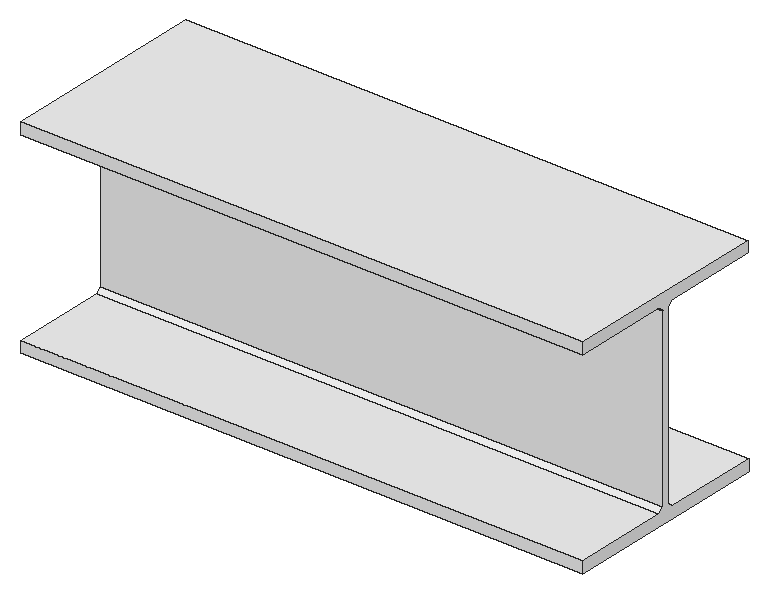
Revit family "3a6d2cca07d44f20bc78643620e2a10c", category Structural Framing, Revit 2021
Family settings
  Structural Framing Length Roundoff = 0' - 0"
  Section Shape = Not Defined
  Material for Model Behavior = Steel
  Always export as geometry = No
  OmniClass Number = 23.25.30.11.14.14
  OmniClass Title = Beams
  Seek Item ID = WWF-Welded Wide Flange-0000-USA-ENU
  Always vertical = Yes
  Cut with Voids When Loaded = No
  Symbolic Representation = From Project Settings
  Shared = No
  Show family pre-cut in plan views = Yes
Parameters (values of type "WWF18x152")
  W = 152
  Structural Material [instance] = Steel ASTM A572
  Assembly Code = "B10"
  Length [instance] = 5' - 0"
  Nominal d = "12"
  bf = 1' - 5 23/32"
  d = 1' - 5 23/32"
  k = 0' - 0 11/16"
  tf = 0' - 0 63/64"
  tw = 0' - 0 161/256"
  A = 45.00 in²
Reference planes (in)
  plane 1 "Center (Front/Back)": y = 0
  plane 2: z = 0
  plane 3 "Center (Left/Right)": x = 0.1815
  plane 4 "Member Left": x = -23.8185
  plane 5 "Member Right": x = 24.1815
  plane 6: y = 8.85937
  plane 7: y = -8.85938
  plane 8 "Top": z = 8.85937
  plane 9: z = -8.85938
  plane 10 "Left": x = -29.8185
  plane 11 "Right": x = 30.1815
Forms (in)
  Sweep 1, solid, material "Steel ASTM A572" <- "Structural Material", detail levels medium
    path origin (0, 0, 0) x (1, 0, 0) y (0, 1, 0)
      loop
        line (24.1815, 0) -> (-23.8185, 0)
    profile "WWF-Wide Flange-Profile-Medium : WWF-Wide Flange-Profile-Medium" origin (0.1815, 0, 0) x (0, -1, 0) y (0, 0, 1)
      loop
        line (-8.85937, -8.85938) -> (8.85938, -8.85938) -> (8.85938, -7.875) -> (0.31445, -7.875) -> (0.31445, 7.875) -> (8.85938, 7.875) -> (8.85938, 8.85937) -> (-8.85937, 8.85937) -> (-8.85937, 7.875) -> (-0.31445, 7.875) -> (-0.31445, -7.875) -> (-8.85937, -7.875) -> (-8.85937, -8.85938)
  Sweep 2, solid, material "Steel ASTM A572" <- "Structural Material", detail levels fine
    path origin (0, 0, 0) x (1, 0, 0) y (0, 1, 0)
      loop
        line (24.1815, 0) -> (-23.8185, 0)
    profile "WWF-Wide Flange-Profile-Fine : WWF-Wide Flange-Profile-Fine" origin (0.1815, 0, 0) x (0, -1, 0) y (0, 0, 1)
      loop
        line (-8.85937, -8.85938) -> (8.85938, -8.85938) -> (8.85938, -7.875) -> (0.6875, -7.875) -> (0.31445, -7.50195) -> (0.31445, 7.50195) -> (0.6875, 7.875) -> (8.85938, 7.875) -> (8.85938, 8.85937) -> (-8.85937, 8.85937) -> (-8.85937, 7.875) -> (-0.6875, 7.875) -> (-0.31445, 7.50195) -> (-0.31445, -7.50195) -> (-0.6875, -7.875) -> (-8.85937, -7.875) -> (-8.85937, -8.85938)
Lines and regions (in)
  symbolic lines, style "Stick Symbols", detail levels coarse
    curve 1: line (0.1815, 0, -8.85938) -> (0.1815, 0, 8.85937)
    curve 2: line (0.1815, 8.85938, 8.85937) -> (0.1815, -8.85937, 8.85937)
    curve 3: line (0.1815, -8.85937, -8.85938) -> (0.1815, 8.85938, -8.85938)
  symbolic lines, style "Hidden Faces", detail levels medium+fine
    curve 4: line (-23.8185, -0.31445, 0) -> (24.1815, -0.31445, 0)
    curve 5: line (-23.8185, 0.31445, 0) -> (24.1815, 0.31445, 0)
Dimensions and locks (in)
  "bf": plane 6 to plane 7
  "d": plane 9 to plane 8 "Top"
  equal spacing: plane 9, plane 2, plane 8 "Top"
  equal spacing: plane 6, plane 1 "Center (Front/Back)", plane 7
  "Length": plane 10 "Left" to plane 11 "Right"
  "tw": curve 4 to curve 5
  equal spacing: curve 4, plane 1 "Center (Front/Back)", curve 5
  aligned and locked: Sweep 1 sketch curve to plane 1 "Center (Front/Back)"
  aligned and locked: Sweep 2 sketch curve to plane 1 "Center (Front/Back)"
  aligned and locked: Sweep 2 to curve 2  (x2)
  aligned and locked: curve 2 to Sweep 2
  aligned and locked: Sweep 2 to curve 3  (x2)
  aligned and locked: curve 3 to Sweep 2
  aligned and locked: plane 4 "Member Left" to Sweep 2 sketch curve
  aligned and locked: plane 5 "Member Right" to Sweep 2 sketch curve
  aligned and locked: plane 4 "Member Left" to Sweep 1 sketch curve
  aligned and locked: plane 5 "Member Right" to Sweep 1 sketch curve
  aligned and locked: plane 4 "Member Left" to curve 5
  aligned and locked: plane 4 "Member Left" to curve 4
  aligned and locked: plane 5 "Member Right" to curve 5
  aligned and locked: plane 5 "Member Right" to curve 4
Automatic sketch dimensions
  curve 1 to plane 1 "Center (Front/Back)" = 0' - 0"
